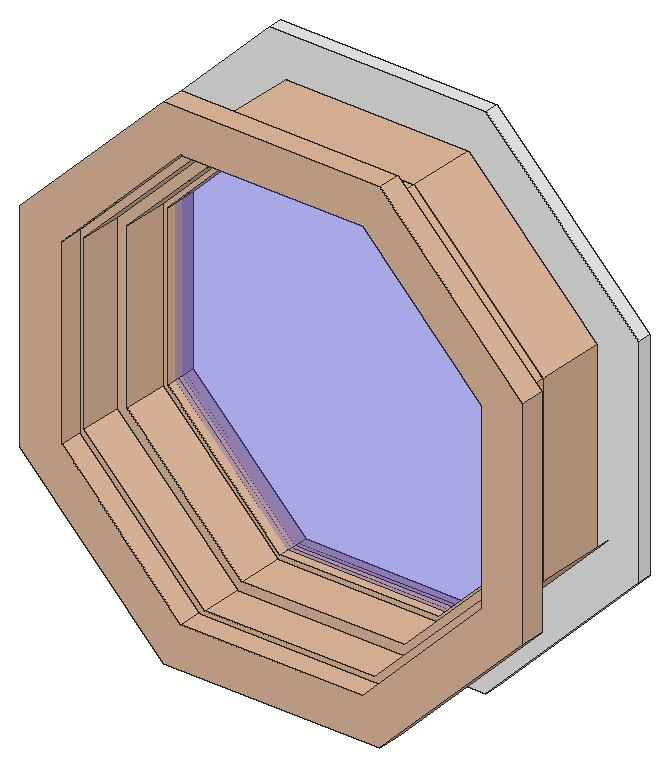
Revit family "981042a5ec3641d88bf7fa35a5f0cbf0", category Windows, host Wall, Revit 2021
Family settings
  Host = Wall
  OmniClass Number = 23.30.20.17.11
  OmniClass Title = Fixed Windows
  Always vertical = Yes
  Cut with Voids When Loaded = No
  Shared = No
  Room Calculation Point = No
Parameters (values of type "24" x 24"")
  Window Inset [instance] = 0' - 0"
  Wall Thickness [instance] = 0' - 6"
  Visual Light Transmittance = 0.81
  Thermal Resistance (R) = 1.8146 (h·ft²·°F)/BTU
  Solar Heat Gain Coefficient = 0.76
  Rough Width = Width + 0' 0 1/2"  # 2' - 0 1/2"
  Rough Height = Height + 0' 0 1/2"  # 2' - 0 1/2"
  Length of Side = Width / (sqrt(2) + 1)  # 0' - 9.94113"
  Interior Wall Closure [instance] = 0' - 2 1/4"
  Interior Trim Visibility [instance] = yes
  Interior Trim Material = Wood - Stained
  Interior Trim = Trim-Window-Interior-Flat-Octagon : Picture Frame
  Height = Width  # 2' - 0"
  Interior Frame Material = Wood - Stained
  Heat Transfer Coefficient (U) = 0.5511 BTU/(h·ft²·°F)
  Glass Panel Material = Glass
  Frame Extension [instance] = if(Exterior Trim Visibility, Window Inset + 0' 0 1/4", 0' 0 1/4")  # 0' - 0 1/4"
  Fire Rating = "0.5h"
  Exterior Wall Closure [instance] = 0' - 1 1/4"
  Exterior Trim Visibility [instance] = yes
  Exterior Trim Material = Clad - White
  Exterior Trim = Trim-Window-Exterior-Flat-Octagon : Picture Frame
  Exterior Frame Material = Clad - White
  Extension Jamb Visibility [instance] = and(Interior Trim Visibility, Wall Thickness - Window Inset > 0' 3 3/4")  # yes
  Extension Jamb [instance] = if(Wall Thickness - Window Inset > 0' 3 3/4", Wall Thickness - Window Inset - 0' 3 3/4", 0' 1")  # 0' - 2 1/4"
  Default Sill Height = 3' - 0"
  Wall Closure = By host
  Width = 2' - 0"
  Assembly Code = "B2020100"
  Analytic Construction = "Double glazing - domestic"
Types (6): name | Rough Width | Rough Height | Length of Side | Height | Width
  (no name) | 2' - 0 1/2" | 2' - 0 1/2" | 0' - 9.94113" | 2' - 0" | 2' - 0"
  24" x 24" | 2' - 0 1/2" | 2' - 0 1/2" | 0' - 9.94113" | 2' - 0" | 2' - 0"
  36" x 36" | 3' - 0 1/2" | 3' - 0 1/2" | 1' - 2.91169" | 3' - 0" | 3' - 0"
  48" x 48" | 4' - 0 1/2" | 4' - 0 1/2" | 1' - 7.88225" | 4' - 0" | 4' - 0"
  60" x 60" | 5' - 0 1/2" | 5' - 0 1/2" | 2' - 0.85281" | 5' - 0" | 5' - 0"
  72" x 72" | 6' - 0 1/2" | 6' - 0 1/2" | 2' - 5.82338" | 6' - 0" | 6' - 0"
Reference planes (in)
  plane 1 "Center (Front/Back)": y = 0
  plane 2: z = 0
  plane 3 "Center (Left/Right)": x = 0
  plane 4 "Left": x = -12
  plane 5 "Right": x = 12
  plane 6 "Sill": z = 36
  plane 7 "Top": z = 60
  plane 8 "Inset Face": y = 3
  plane 9 "Wall Closure": y = -0.75
  plane 10 "Sash Face": y = 3.5
  plane 11 "Exterior": y = 3
  plane 12: x = 11.5
  plane 13: x = -11.5
  plane 14: z = 59.5
  plane 15: z = 36.5
  plane 16: x = 10.5
  plane 17: x = -10.5
  plane 18: z = 58.5
  plane 19: z = 37.5
  plane 20: y = 2.25
  plane 21 "Glass": y = 2.625
  plane 22 "Middle": z = 48
  plane 23: y = 3.75
  plane 24: y = 3.75
  plane 25 "Interior": y = -3
  plane 26 "Jamb": y = -0.75
  plane 27: x = 4.97056
  plane 28: x = -4.97056
  plane 29: z = 52.97056
  plane 30: z = 43.02944
  plane 31: y = -0.75
  plane 32: y = 1.75
  plane 33: y = 3.75
Forms (in)
  Sweep 1, solid, material "Wood - Stained" <- "Interior Frame Material"
    path origin (0, 3.5, 0) x (-1, 0, 0) y (0, 0, 1)
      loop
        line (-12, 43.02944) -> (-4.97056, 36) -> (4.97056, 36) -> (12, 43.02944) -> (12, 52.97056) -> (4.97056, 60) -> (-4.97056, 60) -> (-12, 52.97056) -> (-12, 43.02944)
    profile origin (12, 3.5, 48) x (1, 0, 0) y (0, 1, 0)
      loop
        line (0, 0.25) -> (-0.5, 0.25) -> (-0.5, -1.75) -> (-1.25, -1.75) -> (-1.25, -4.25) -> (0, -4.25) -> (0, 0.25)
  Extrusion 2, solid, material "Wood - Stained" <- "Interior Frame Material", visible <- "Extension Jamb Visibility"
    sketch origin (0, 0, 0) x (1, 0, 0) y (0, 0, 1)
      loop
        line (12, 43.02944) -> (12, 52.97056) -> (4.97056, 60) -> (-4.97056, 60) -> (-12, 52.97056) -> (-12, 43.02944) -> (-4.97056, 36) -> (4.97056, 36) -> (12, 43.02944)
      loop
        line (11.25, 43.3401) -> (11.25, 52.6599) -> (4.6599, 59.25) -> (-4.6599, 59.25) -> (-11.25, 52.6599) -> (-11.25, 43.3401) -> (-4.6599, 36.75) -> (4.6599, 36.75) -> (11.25, 43.3401)
    from 0.75 to 3
  Sweep 3, solid, material "Wood - Stained" <- "Interior Frame Material"
    path origin (0, 3.5, 0) x (-1, 0, 0) y (0, 0, 1)
      loop
        line (-11.5, 43.23654) -> (-4.76346, 36.5) -> (4.76346, 36.5) -> (11.5, 43.23654) -> (11.5, 52.76346) -> (4.76346, 59.5) -> (-4.76346, 59.5) -> (-11.5, 52.76346) -> (-11.5, 43.23654)
    profile origin (11.5, 3.5, 48) x (1, 0, 0) y (0, 1, 0)
      loop
        line (0, 0) -> (-1, 0) -> (-1, -1.75) -> (0, -1.75) -> (0, 0)
  Extrusion 4, solid, material "Glass" <- "Glass Panel Material"
    sketch origin (-27.46716, 2.625, 48) x (-1, 0, 0) y (0, 0, 1)
      loop
        line (-37.96716, -4.34924) -> (-31.8164, -10.5) -> (-23.11792, -10.5) -> (-16.96716, -4.34924) -> (-16.96716, 4.34924) -> (-23.11792, 10.5) -> (-31.8164, 10.5) -> (-37.96716, 4.34924) -> (-37.96716, -4.34924)
    from 0.125 to 0.375
  Extrusion 5, solid, material "Glass" <- "Glass Panel Material"
    sketch origin (-27.46716, 2.625, 48) x (-1, 0, 0) y (0, 0, 1)
      loop
        line (-37.96716, -4.34924) -> (-31.8164, -10.5) -> (-23.11792, -10.5) -> (-16.96716, -4.34924) -> (-16.96716, 4.34924) -> (-23.11792, 10.5) -> (-31.8164, 10.5) -> (-37.96716, 4.34924) -> (-37.96716, -4.34924)
    from -0.125 to -0.375
Lines and regions (in)
  Opening 1
    outline origin (-60, -3, 0) x (1, 0, 0) y (0, 0, 1)
      loop
        line (48, 52.97056) -> (48, 43.02944) -> (55.02944, 36) -> (64.97056, 36) -> (72, 43.02944) -> (72, 52.97056) -> (64.97056, 60) -> (55.02944, 60) -> (48, 52.97056)
  Split face 1
    outline origin (4.34924, 1.75, 37.5) x (0.707107, 0, 0.707107) y (0, 1, 0)
      loop
        line (8.69848, 1.25) -> (0, 1.25)
  Split face 2
    outline origin (10.5, 1.75, 43.65076) x (0, 0, 1) y (0, 1, 0)
      loop
        line (8.69848, 1.25) -> (0, 1.25)
  Split face 3
    outline origin (10.5, 1.75, 52.34924) x (-0.707107, 0, 0.707107) y (0, 1, 0)
      loop
        line (8.69848, 1.25) -> (0, 1.25)
  Split face 4
    outline origin (-10.5, 1.75, 43.65076) x (0.707107, 0, -0.707107) y (0, 1, 0)
      loop
        line (0, 1.25) -> (8.69848, 1.25)
  Split face 5
    outline origin (-10.5, 1.75, 52.34924) x (0, 0, -1) y (0, 1, 0)
      loop
        line (0, 1.25) -> (8.69848, 1.25)
  Split face 6
    outline origin (-4.34924, 1.75, 58.5) x (-0.707107, 0, -0.707107) y (0, 1, 0)
      loop
        line (0, 1.25) -> (8.69848, 1.25)
  Split face 7
    outline origin (4.34924, 1.75, 58.5) x (0, 1, 0) y (-1, 0, 0)
      loop
        line (1.25, 0) -> (1.25, 8.69848)
  Split face 8
    outline origin (-4.34924, 1.75, 37.5) x (1, 0, 0) y (0, 1, 0)
      loop
        line (8.69848, 1.25) -> (0, 1.25)
Text (in)
  text "EXTERIOR" at (-58.6888, 50.90694, 0), in view "Ref. Level"
  text "INTERIOR" at (-58.6888, -37.76638, 0), in view "Ref. Level"
  text "Exterior" at (0, 43.65631, 123.19604), in view "Left"
  text "Exterior" at (0, 18.29385, 125.04747), in view "Right"
Dimensions and locks (in)
  equal spacing: plane 4 "Left", plane 3 "Center (Left/Right)", plane 5 "Right"
  "Width": plane 4 "Left" to plane 5 "Right"
  "Height": plane 6 "Sill" to plane 7 "Top"
  "Default Sill Height": plane 2 to plane 6 "Sill"
  locked: plane 10 "Sash Face" to plane 8 "Inset Face" at 0.5
  "Wall Thickness": host wall to host wall
  "Window Inset": plane 11 "Exterior" to plane 8 "Inset Face"
  locked: Sweep 1 sketch curve to plane 5 "Right" at 1.25
  locked: Sweep 1 sketch curve to plane 5 "Right" at 0.5
  locked: plane 10 "Sash Face" to Sweep 1 sketch curve at 1.75
  locked: plane 12 to plane 5 "Right" at 0.5
  locked: plane 4 "Left" to plane 13 at 0.5
  locked: plane 14 to plane 7 "Top" at 0.5
  locked: plane 6 "Sill" to plane 15 at 0.5
  locked: plane 16 to plane 12 at 1
  locked: plane 13 to plane 17 at 1
  locked: plane 18 to plane 14 at 1
  locked: plane 15 to plane 19 at 1
  locked: Extrusion 2 sketch curve to plane 5 "Right" at 0.75
  locked: Extrusion 2 sketch curve to plane 4 "Left" at 0.75
  locked: plane 6 "Sill" to Extrusion 2 sketch curve at 0.75
  equal spacing: plane 8 "Inset Face", plane 21 "Glass", plane 20
  locked: plane 8 "Inset Face" to plane 20 at 0.75
  equal spacing: plane 6 "Sill", plane 22 "Middle", plane 7 "Top"
  locked: plane 23 to plane 11 "Exterior" at 0.75
  locked: plane 24 to plane 10 "Sash Face" at 0.25
  "Extension Jamb": plane 26 "Jamb" to plane 25 "Interior"
  locked: plane 8 "Inset Face" to plane 9 "Wall Closure" at 3.75
  equal spacing: plane 28, plane 3 "Center (Left/Right)", plane 27
  "Length of Side": plane 28 to plane 27
  equal spacing: plane 30, plane 22 "Middle", plane 29
  "Length of Side": plane 30 to plane 29
  locked: Extrusion 2 sketch curve to plane 7 "Top" at 0.75
  "Interior Wall Closure": plane 31 to plane 25 "Interior"
  "Exterior Wall Closure": plane 11 "Exterior" to plane 32
  "Frame Extension": plane 33 to plane 10 "Sash Face"
  aligned and locked: plane 6 "Sill" to Opening 1 sketch curve  (x2)
  aligned and locked: level to plane 2
  aligned and locked: host wall to plane 11 "Exterior"
  aligned and locked: Sweep 1 sketch curve to plane 4 "Left"
  aligned and locked: Sweep 1 sketch curve to plane 6 "Sill"
  aligned and locked: Extrusion 2 sketch curve to host wall  (x3)
  aligned and locked: host wall to Extrusion 2
  aligned and locked: plane 15 to Sweep 3 sketch curve
  aligned and locked: plane 25 "Interior" to host wall
  aligned and locked: plane 26 "Jamb" to Extrusion 2
  aligned and locked: plane 9 "Wall Closure" to Sweep 1
  aligned and locked: nested 1 to plane 4 "Left"
  aligned and locked: plane 11 "Exterior" to nested 1
  aligned and locked: plane 12 to Sweep 3 sketch curve
  aligned and locked: plane 16 to Sweep 3 sketch curve
  aligned and locked: plane 17 to Extrusion 4 sketch curve
  aligned and locked: Extrusion 4 sketch curve to plane 19
  aligned and locked: plane 16 to Extrusion 5 sketch curve
  aligned and locked: Extrusion 5 sketch curve to plane 19
  aligned and locked: plane 17 to Extrusion 5 sketch curve
  aligned and locked: Sweep 3 sketch curve to plane 13
  aligned and locked: Sweep 3 sketch curve to plane 14
  aligned and locked: Extrusion 4 sketch curve to plane 18
  aligned and locked: plane 16 to Extrusion 4 sketch curve
  aligned and locked: plane 7 "Top" to Sweep 1 sketch curve  (x2)
  aligned and locked: plane 27 to Sweep 1 sketch curve  (x2)
  aligned and locked: plane 28 to Sweep 1 sketch curve  (x2)
  aligned and locked: plane 5 "Right" to Sweep 1 sketch curve  (x2)
  aligned and locked: plane 29 to Sweep 1 sketch curve  (x2)
  aligned and locked: plane 30 to Sweep 1 sketch curve  (x2)
  aligned and locked: plane 4 "Left" to Sweep 1 sketch curve
  aligned and locked: plane 6 "Sill" to Sweep 1 sketch curve
  aligned and locked: plane 7 "Top" to Extrusion 2 sketch curve  (x2)
  aligned and locked: plane 27 to Extrusion 2 sketch curve  (x2)
  aligned and locked: plane 28 to Extrusion 2 sketch curve  (x2)
  aligned and locked: plane 29 to Extrusion 2 sketch curve  (x2)
  aligned and locked: plane 5 "Right" to Extrusion 2 sketch curve
  aligned and locked: plane 30 to Extrusion 2 sketch curve  (x2)
  aligned and locked: plane 4 "Left" to Extrusion 2 sketch curve
  aligned and locked: plane 6 "Sill" to Extrusion 2 sketch curve
  aligned and locked: plane 7 "Top" to Opening 1 sketch curve  (x2)
  aligned and locked: plane 27 to Opening 1 sketch curve  (x2)
  aligned and locked: plane 29 to Opening 1 sketch curve  (x2)
  aligned and locked: plane 5 "Right" to Opening 1 sketch curve  (x2)
  aligned and locked: plane 4 "Left" to Opening 1 sketch curve  (x2)
  aligned and locked: plane 28 to Opening 1 sketch curve  (x2)
  aligned and locked: plane 30 to Opening 1 sketch curve  (x2)
  aligned and locked: plane 10 "Sash Face" to Sweep 3 sketch curve
  aligned and locked: plane 8 "Inset Face" to Split face 1 sketch curve
  aligned and locked: plane 19 to Split face 1 sketch curve
  aligned and locked: plane 8 "Inset Face" to Split face 2 sketch curve
  aligned and locked: plane 8 "Inset Face" to Split face 3 sketch curve
  aligned and locked: Split face 4 sketch curve to plane 8 "Inset Face"
  aligned and locked: Split face 5 sketch curve to plane 8 "Inset Face"
  aligned and locked: Split face 6 sketch curve to plane 8 "Inset Face"
  aligned and locked: plane 8 "Inset Face" to Split face 7 sketch curve
  aligned and locked: plane 8 "Inset Face" to Split face 8 sketch curve
  aligned and locked: plane 7 "Top" to nested 1
  aligned and locked: plane 7 "Top" to nested 3
  aligned and locked: plane 3 "Center (Left/Right)" to nested 3
  aligned and locked: plane 7 "Top" to nested 2
  aligned and locked: nested 2 to plane 3 "Center (Left/Right)"
  aligned and locked: plane 33 to Sweep 1 sketch curve
Automatic sketch dimensions
  Sweep 1 sketch curve to profile plane = 0' - 0"
  Sweep 1 sketch curve to Sweep 1 sketch curve = 0' - 2 1/2"
  Sweep 3 sketch curve to profile plane = 0' - 0"
  Sweep 3 sketch curve to plane 10 "Sash Face" = 0' - 1 3/4"
  plane 27 to Sweep 3 sketch curve = 0' - 0.20711"  (x2)
  Sweep 3 sketch curve to plane 28 = 0' - 0.20711"  (x2)
  Sweep 3 sketch curve to plane 29 = 0' - 0.20711"  (x2)
  plane 30 to Sweep 3 sketch curve = 0' - 0.20711"  (x2)
  Extrusion 5 sketch curve to plane 18 = 0' - 0"
  Extrusion 2 sketch curve to plane 28 = 0' - 0.31066"  (x2)
  plane 27 to Extrusion 2 sketch curve = 0' - 0.31066"  (x2)
  plane 30 to Extrusion 2 sketch curve = 0' - 0.31066"  (x2)
  Extrusion 2 sketch curve to plane 29 = 0' - 0.31066"  (x2)
  plane 27 to Extrusion 4 sketch curve = 0' - 0.62132"  (x2)
  Extrusion 4 sketch curve to plane 28 = 0' - 0.62132"  (x2)
  plane 30 to Extrusion 4 sketch curve = 0' - 0.62132"  (x2)
  Extrusion 4 sketch curve to plane 29 = 0' - 0.62132"  (x2)
  plane 27 to Extrusion 5 sketch curve = 0' - 0.62132"  (x2)
  Extrusion 5 sketch curve to plane 28 = 0' - 0.62132"  (x2)
  plane 30 to Extrusion 5 sketch curve = 0' - 0.62132"  (x2)
  Extrusion 5 sketch curve to plane 29 = 0' - 0.62132"  (x2)
  Split face 1 sketch curve to Sweep 3 = 0' - 0"  (x2)
  Sweep 3 to Split face 2 sketch curve = 0' - 0"
  Split face 2 sketch curve to Sweep 3 = 0' - 0"
  Split face 3 sketch curve to Sweep 3 = 0' - 0"  (x2)
  Split face 4 sketch curve to Sweep 3 = 0' - 0"  (x2)
  Split face 5 sketch curve to Sweep 3 = 0' - 0"
  Sweep 3 to Split face 5 sketch curve = 0' - 0"
  Split face 6 sketch curve to Sweep 3 = 0' - 0"  (x2)
  Split face 7 sketch curve to Sweep 3 = 0' - 0"  (x2)
  Split face 8 sketch curve to Sweep 3 = 0' - 0"  (x2)
Nested families (in)
  nested 1: "Plan-Fixed" at (0, 3, 36) x (-1, 0, 0) z (0, 0, 1), Width <- "Width", Window Inset <- "Window Inset", Wall Thickness <- "Wall Thickness", Height <- "Height", type "Plan-Fixed"
    with Window Inset of 3D 0' - 0", Window Inset 0' - 0", Width 2' - 0", Wall Thickness 0' - 6", Height 2' - 0"
  nested 2: "Trim-Window-Exterior-Flat-Octagon" at (0, 3, 60) x (-1, 0, 0) z (0, 1, 0), visible <- "Exterior Trim Visibility", Trim Material <- "Exterior Trim Material", Opening Width <- "Width", type <- "Exterior Trim", type "Picture Frame"
    with Trim Material Clad - White, Opening Width 2' - 0", Opening Height 2' - 0", Length of Side 0' - 9.94113"
  nested 3: "Trim-Window-Interior-Flat-Octagon" at (0, -3, 60) x (1, 0, 0) z (0, -1, 0), visible <- "Interior Trim Visibility", Trim Material <- "Interior Trim Material", Opening Width <- "Width", type <- "Interior Trim", type "Picture Frame"
    with Trim Material Wood - Stained, Opening Width 2' - 0", Opening Height 2' - 0", Length of Side 0' - 9.94113"
Definition of nested family "Trim-Window-Exterior-Flat-Octagon"
  Parameters (values of type "Picture Frame")
    Trim Width = 0' - 2 1/4"
    Trim Thickness = 0' - 0 3/4"
    Trim Material [instance] = none
    Opening Width [instance] = 2' - 0"
    Opening Height [instance] = Opening Width  # 2' - 0"
    Length of Side [instance] = Opening Width / (sqrt(2) + 1)  # 0' - 9.94113"
    Default Elevation = 4' - 0"
  Reference planes (in)
    plane 1 "Center (Front/Back)": y = 0
    plane 2: z = 0
    plane 3 "Center (Left/Right)": x = 0
    plane 4: y = 2.25
    plane 5 "Left": x = -12
    plane 6 "Right": x = 12
    plane 7 "Bottom": y = -24
    plane 8: x = 14.25
    plane 9: x = -14.25
    plane 10: z = 0.75
    plane 11: y = -26.25
    plane 12: y = -7.02944
    plane 13: y = -16.97056
    plane 14: y = -12
    plane 15: x = -4.97056
    plane 16: x = 4.97056
  Forms (in)
    Extrusion 1, solid
      sketch origin (0, 0, 0) x (1, 0, 0) y (0, 1, 0)
        loop
          line (-14.25, 2.25) -> (-14.25, -26.25) -> (14.25, -26.25) -> (14.25, 2.25) -> (-14.25, 2.25)
      from 0 to -12
    Extrusion 2, solid, material <- "Trim Material"
      sketch origin (0, 0, 0) x (1, 0, 0) y (0, 1, 0)
        loop
          line (-12, -16.97056) -> (-4.97056, -24) -> (4.97056, -24) -> (12, -16.97056) -> (12, -7.02944) -> (4.97056, 0) -> (-4.97056, 0) -> (-12, -7.02944) -> (-12, -16.97056)
        loop
          line (-14.25, -17.90254) -> (-5.90254, -26.25) -> (5.90254, -26.25) -> (14.25, -17.90254) -> (14.25, -6.09746) -> (5.90254, 2.25) -> (-5.90254, 2.25) -> (-14.25, -6.09746) -> (-14.25, -17.90254)
      from 0 to 0.75
  Dimensions and locks (in)
    equal spacing: plane 5 "Left", plane 3 "Center (Left/Right)", plane 6 "Right"
    "Opening Width": plane 5 "Left" to plane 6 "Right"
    "Opening Height": plane 7 "Bottom" to plane 1 "Center (Front/Back)"
    "Trim Width": plane 9 to plane 5 "Left"
    "Trim Width": plane 6 "Right" to plane 8
    "Trim Width": plane 1 "Center (Front/Back)" to plane 4
    "Trim Width": plane 11 to plane 7 "Bottom"
    "Trim Thickness": plane 10 to plane 2
    equal spacing: plane 7 "Bottom", plane 14, plane 1 "Center (Front/Back)"
    equal spacing: plane 12, plane 14, plane 13
    "Length of Side": plane 12 to plane 13
    equal spacing: plane 15, plane 3 "Center (Left/Right)", plane 16
    "Length of Side": plane 15 to plane 16
    "Trim Width": Extrusion 2 sketch curve to Extrusion 2 sketch curve  (x4)
    aligned and locked: plane 2 to Extrusion 1
    aligned and locked: level to Extrusion 1
    aligned and locked: Extrusion 2 sketch curve to plane 11
    aligned and locked: plane 7 "Bottom" to Extrusion 2 sketch curve  (x2)
    aligned and locked: plane 8 to Extrusion 2 sketch curve
    aligned and locked: plane 5 "Left" to Extrusion 2 sketch curve  (x2)
    aligned and locked: Extrusion 2 sketch curve to plane 9
    aligned and locked: plane 10 to Extrusion 2
    aligned and locked: Extrusion 2 sketch curve to plane 4
    aligned and locked: plane 15 to Extrusion 2 sketch curve  (x2)
    aligned and locked: plane 16 to Extrusion 2 sketch curve  (x2)
    aligned and locked: plane 13 to Extrusion 2 sketch curve  (x2)
    aligned and locked: plane 6 "Right" to Extrusion 2 sketch curve  (x2)
    aligned and locked: plane 12 to Extrusion 2 sketch curve  (x2)
    aligned and locked: plane 1 "Center (Front/Back)" to Extrusion 2 sketch curve  (x2)
  Automatic sketch dimensions
    Extrusion 1 sketch curve to Extrusion 1 sketch curve = 2' - 4 1/2"  (x2)
Definition of nested family "Trim-Window-Interior-Flat-Octagon"
  Parameters (values of type "Picture Frame")
    Trim Thickness = 0' - 1 1/4"
    Trim Width = 0' - 2 1/4"
    Trim Material [instance] = none
    Opening Width [instance] = 2' - 0"
    Opening Height [instance] = Opening Width  # 2' - 0"
    Length of Side [instance] = Opening Width / (sqrt(2) + 1)  # 0' - 9.94113"
    Default Elevation = 4' - 0"
  Reference planes (in)
    plane 1 "Center (Front/Back)": y = 0
    plane 2: z = 0
    plane 3 "Center (Left/Right)": x = 0
    plane 4: y = 1.75
    plane 5 "Left": x = -12
    plane 6 "Right": x = 12
    plane 7 "Bottom": y = -24
    plane 8: x = 13.75
    plane 9: x = -13.75
    plane 10: z = 1.25
    plane 11: y = -25.75
    plane 12: z = 0.5
    plane 13: x = -11.5
    plane 14: y = -0.5
    plane 15: x = 11.5
    plane 16: y = -23.5
    plane 17: y = -7.02944
    plane 18: y = -16.97056
    plane 19: y = -12
    plane 20: x = -4.97056
    plane 21: x = 4.97056
  Forms (in)
    Extrusion 1, solid
      sketch origin (0, 0, 0) x (1, 0, 0) y (0, 1, 0)
        loop
          line (-13.75, 1.75) -> (-13.75, -25.75) -> (13.75, -25.75) -> (13.75, 1.75) -> (-13.75, 1.75)
      from 0 to -12
    Extrusion 2, solid, material <- "Trim Material"
      sketch origin (0, 0, 0) x (1, 0, 0) y (0, 1, 0)
        loop
          line (-11.5, -16.97056) -> (-4.97056, -23.5) -> (4.97056, -23.5) -> (11.5, -16.97056) -> (11.5, -7.02944) -> (4.97056, -0.5) -> (-4.97056, -0.5) -> (-11.5, -7.02944) -> (-11.5, -16.97056)
        loop
          line (-13.75, -17.90254) -> (-5.90254, -25.75) -> (5.90254, -25.75) -> (13.75, -17.90254) -> (13.75, -6.09746) -> (5.90254, 1.75) -> (-5.90254, 1.75) -> (-13.75, -6.09746) -> (-13.75, -17.90254)
      from 0 to 1.25
  Dimensions and locks (in)
    equal spacing: plane 5 "Left", plane 3 "Center (Left/Right)", plane 6 "Right"
    "Opening Width": plane 5 "Left" to plane 6 "Right"
    "Opening Height": plane 7 "Bottom" to plane 1 "Center (Front/Back)"
    "Trim Width": plane 9 to plane 13
    "Trim Width": plane 15 to plane 8
    "Trim Width": plane 14 to plane 4
    "Trim Width": plane 11 to plane 16
    locked: plane 14 to plane 1 "Center (Front/Back)" at 0.5
    locked: plane 5 "Left" to plane 13 at 0.5
    locked: plane 15 to plane 6 "Right" at 0.5
    locked: plane 16 to plane 7 "Bottom" at 0.5
    "Trim Thickness": plane 10 to plane 2
    equal spacing: plane 14, plane 19, plane 16
    equal spacing: plane 17, plane 19, plane 18
    "Length of Side": plane 17 to plane 18
    equal spacing: plane 20, plane 3 "Center (Left/Right)", plane 21
    "Length of Side": plane 20 to plane 21
    "Trim Width": Extrusion 2 sketch curve to Extrusion 2 sketch curve  (x4)
    aligned and locked: plane 2 to Extrusion 1
    aligned and locked: level to Extrusion 1
    aligned and locked: Extrusion 2 sketch curve to plane 11
    aligned and locked: plane 10 to Extrusion 2
    aligned and locked: plane 16 to Extrusion 2 sketch curve  (x2)
    aligned and locked: Extrusion 2 sketch curve to plane 14
    aligned and locked: Extrusion 2 sketch curve to plane 4
    aligned and locked: plane 20 to Extrusion 2 sketch curve  (x2)
    aligned and locked: plane 14 to Extrusion 2 sketch curve
    aligned and locked: plane 21 to Extrusion 2 sketch curve  (x2)
    aligned and locked: plane 17 to Extrusion 2 sketch curve  (x2)
    aligned and locked: plane 15 to Extrusion 2 sketch curve  (x2)
    aligned and locked: plane 13 to Extrusion 2 sketch curve  (x2)
    aligned and locked: plane 18 to Extrusion 2 sketch curve  (x2)
    aligned and locked: plane 11 to Extrusion 2 sketch curve
    aligned and locked: plane 4 to Extrusion 2 sketch curve
    aligned and locked: plane 9 to Extrusion 2 sketch curve  (x2)
    aligned and locked: plane 8 to Extrusion 2 sketch curve  (x2)
  Automatic sketch dimensions
    Extrusion 1 sketch curve to Extrusion 1 sketch curve = 2' - 3 1/2"  (x2)
Definition of nested family "Plan-Fixed"
  Parameters (values of type "Plan-Fixed")
    Window Inset [instance] = 0' - 1"
    Window Inset of 3D [instance] = if(Window Inset - 0' 0 1/2" < 0' 0", 0' 0", if(Window Inset - 0' 0 1/2" < Wall Thickness - 0' 3 1/2", Window Inset - 0' 0 1/2", Wall Thickness - 0' 3 1/2"))  # 0' - 0 1/2"
    Width [instance] = 4' - 0"
    Wall Thickness [instance] = 0' - 6"
    Height [instance] = 3' - 0"
    Default Elevation = 4' - 0"
    Analytic Construction = "<None>"
  Reference planes (in)
    plane 1 "Center (Front/Back)": y = 0
    plane 2: z = 0
    plane 3 "Center (Left/Right)": x = 0
    plane 4: x = -24
    plane 5: x = 24
    plane 6 "Jamb": y = -4
    plane 7: x = -23.5
    plane 8: x = -22.75
    plane 9: y = -0.5
    plane 10: y = -2.25
    plane 11: y = -1.375
    plane 12: x = -22.5
    plane 13: x = 23.5
    plane 14: x = 22.75
    plane 15: x = 22.5
    plane 16 "Window Inset": y = -1
    plane 17 "Wall": y = -6
    plane 18: z = 36
    plane 19: z = 35.5
    plane 20: z = 0.5
    plane 21: z = 34.75
    plane 22: z = 1.25
    plane 23: z = 34.5
    plane 24: z = 1.5
  Lines and regions (in)
    Masking region 1
      outline origin (0, 0.75, 0) x (1, 0, 0) y (0, 1, 0)
        loop
          line (-24, -6.75) -> (24, -6.75) -> (24, -0.75) -> (-24, -0.75) -> (-24, -6.75)
    Masking region 2
      outline origin (0, 0, 0) x (0, 1, 0) y (0, 0, 1)
        loop
          line (-6, 36) -> (-6, 0) -> (0, 0) -> (0, 36) -> (-6, 36)
    symbolic lines
      curve 1: line (-23.5, -2.25, 0) -> (-22.75, -2.25, 0)
      curve 2: line (-22.75, -2.25, 0) -> (-22.75, -4, 0)
      curve 3: line (-23.5, -0.5, 0) -> (-23.5, -2.25, 0)
      curve 4: line (-24, -0.5, 0) -> (-22.5, -0.5, 0)
      curve 5: line (-22.5, -0.5, 0) -> (-22.5, -2.25, 0)
      curve 6: line (-22.5, -2.25, 0) -> (-22.75, -2.25, 0)
      curve 7: line (-22.5, -1.375, 0) -> (22.5, -1.375, 0)
      curve 8: line (23.5, -2.25, 0) -> (22.75, -2.25, 0)
      curve 9: line (22.75, -2.25, 0) -> (22.75, -4, 0)
      curve 10: line (23.5, -0.5, 0) -> (23.5, -2.25, 0)
      curve 11: line (22.5, -0.5, 0) -> (22.5, -2.25, 0)
      curve 12: line (22.5, -2.25, 0) -> (22.75, -2.25, 0)
      curve 13: line (-24, -4, 0) -> (-22.75, -4, 0)
      curve 14: line (22.75, -4, 0) -> (24, -4, 0)
      curve 15: line (0, -0.5, 35.5) -> (0, -2.25, 35.5)
      curve 16: line (0, -2.25, 34.75) -> (0, -4, 34.75)
      curve 17: line (0, -4, 0) -> (0, -4, 1.25)
      curve 18: line (0, -0.5, 0.5) -> (0, -2.25, 0.5)
      curve 19: line (0, -2.25, 0.5) -> (0, -2.25, 1.5)
      curve 20: line (0, -2.25, 1.25) -> (0, -4, 1.25)
      curve 21: line (0, -0.5, 36) -> (0, -0.5, 34.5)
      curve 22: line (0, -0.5, 34.5) -> (0, -2.25, 34.5)
      curve 23: line (0, -2.25, 1.5) -> (0, -0.5, 1.5)
      curve 24: line (0, -1.375, 1.5) -> (0, -1.375, 34.5)
      curve 25: line (0, -2.25, 35.5) -> (0, -2.25, 34.5)
      curve 26: line (22.5, -0.5, 0) -> (24, -0.5, 0)
      curve 27: line (0, -4, 34.75) -> (0, -4, 36)
      curve 28: line (0, -0.5, 1.5) -> (0, -0.5, 0)
      curve 29: line (-22.5, -0.5, 0) -> (22.5, -0.5, 0)
      curve 30: line (22.75, -4, 0) -> (-22.75, -4, 0)
      curve 31: line (0, -0.5, 34.5) -> (0, -0.5, 1.5)
      curve 32: line (0, -4, 1.25) -> (0, -4, 34.75)
  Dimensions and locks (in)
    "Width": plane 4 to plane 5
    equal spacing: plane 4, plane 3 "Center (Left/Right)", plane 5
    plane 4 to plane 7 to plane 8 = 0' - 0 1/2" locked, 0' - 0 3/4" locked
    equal spacing: plane 9, plane 11, plane 10
    plane 5 to plane 13 to plane 14 = 0' - 0 1/2" locked, 0' - 0 3/4" locked
    locked: plane 9 to plane 16 "Window Inset" at 0.5
    locked: plane 9 to plane 10 at 1.75
    "Wall Thickness": plane 17 "Wall" to plane 1 "Center (Front/Back)"
    "Height": plane 18 to plane 2
    locked: plane 18 to plane 19 at 0.5
    locked: plane 20 to plane 2 at 0.5
    locked: plane 19 to plane 21 at 0.75
    locked: plane 22 to plane 20 at 0.75
    locked: plane 10 to plane 6 "Jamb" at 1.75
    "Window Inset of 3D": plane 9 to plane 1 "Center (Front/Back)"
    locked: plane 7 to plane 12 at 1
    locked: plane 15 to plane 13 at 1
    locked: plane 19 to plane 23 at 1
    locked: plane 24 to plane 20 at 1
    aligned and locked: plane 2 to level
    aligned and locked: curve 2 to plane 8
    aligned and locked: curve 1 to plane 10
    aligned and locked: plane 4 to Masking region 1 sketch curve
    aligned and locked: Masking region 1 sketch curve to plane 5
    aligned and locked: plane 14 to curve 9
    aligned and locked: Masking region 1 sketch curve to plane 17 "Wall"
    aligned and locked: curve 13 to plane 6 "Jamb"
    aligned and locked: curve 14 to plane 6 "Jamb"
    aligned and locked: plane 1 "Center (Front/Back)" to Masking region 1 sketch curve
    aligned and locked: Masking region 2 sketch curve to plane 18
    aligned and locked: plane 17 "Wall" to Masking region 2 sketch curve
    aligned and locked: level to Masking region 2 sketch curve
    aligned and locked: plane 6 "Jamb" to curve 17
    aligned and locked: plane 21 to curve 16
    aligned and locked: plane 19 to curve 15
    aligned and locked: plane 22 to curve 20
    aligned and locked: plane 10 to curve 19  (x2)
    aligned and locked: plane 20 to curve 18
    aligned and locked: curve 21 to plane 9
    aligned and locked: plane 23 to curve 22
    aligned and locked: curve 23 to plane 24
    aligned and locked: plane 11 to curve 24
    aligned and locked: plane 4 to curve 4
    aligned and locked: plane 5 to curve 26
    aligned and locked: plane 18 to curve 21
    aligned and locked: plane 9 to curve 15
    aligned and locked: plane 9 to curve 18
    aligned and locked: plane 2 to curve 28
    aligned and locked: plane 9 to curve 3
    aligned and locked: plane 9 to curve 10
    aligned and locked: curve 25 to plane 10
    aligned and locked: plane 19 to curve 25
    aligned and locked: plane 23 to curve 25
    aligned and locked: plane 2 to curve 17
    aligned and locked: curve 26 to plane 9
    aligned and locked: curve 4 to plane 9
    aligned and locked: curve 5 to plane 12
    aligned and locked: plane 15 to curve 11
    aligned and locked: curve 7 to plane 11
    aligned and locked: curve 12 to plane 10
    aligned and locked: plane 10 to curve 8
    aligned and locked: plane 6 "Jamb" to curve 27
  Automatic sketch dimensions
    Masking region 2 sketch curve to plane 1 "Center (Front/Back)" = 0' - 0"
    curve 13 to plane 4 = 0' - 0"
    curve 3 to plane 7 = 0' - 0"
    curve 10 to plane 13 = 0' - 0"
    curve 14 to plane 5 = 0' - 0"
    curve 18 to plane 20 = 0' - 0"
    curve 27 to plane 18 = 0' - 0"
